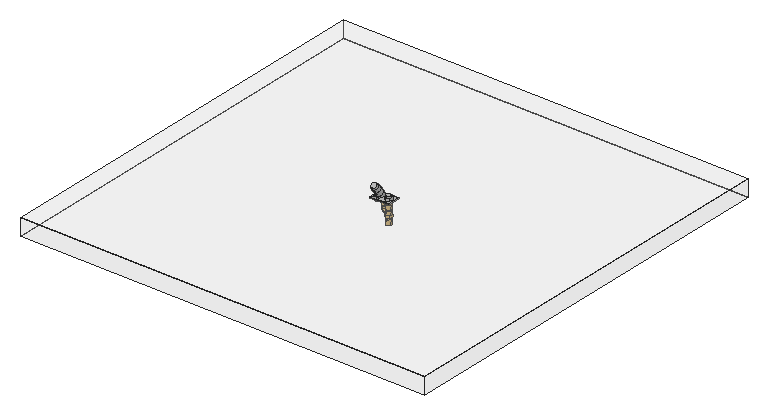
Revit family
Parameters (values of type "67CC-P1")
  Weight Lbs = 4.4
  Waste Connection = no
  Rod Assembly D = 0' - 0 1/2"
  Rod Assembly C = 0' - 0 3/4"
  Rod Assembly B = Rod Assembly A + 0' 0 1/2"  # 0' - 1 1/2"
  Rod Assembly A = Wall Thickness  # 0' - 1"
  Wall Thickness = 0' - 1"
  WFU = 0
  Vent Connection = no
  URL = "http://www.woodfordmfg.com/woodford/Wall_Hydrant_Pages/model-67.html"
  Symbol Length = 0' - 9"
  Polished Brass (PB) Optional = ""
  Plate Width = 0' - 3"
  Plate Length = 0' - 4 3/8"
  Pipe Connection Radius = 0' - 0 3/8"
  Pipe Connection Diameter = Pipe Connection Radius * 2  # 0' - 0 3/4"
  Overall Hydrant Length = Wall Thickness + 0' 4"  # 0' - 5"
  Outlet = "3/4\" Male Hose Thread"
  No Lead Solder = ""
  Model = "67CC-P1"
  Max Temperature = "120º -F"
  Max Pressure = 125.00 psi
  Inlet Option = "P1 - 1\" Male Pipe Thread-Closed Coupled"
  Hydrant Specification = ""
  Hydrant & Vacuum Breaker = "Listed by IAPMO"
  Hydrant = "Field Testable"
  Manufacturer = "Woodford Manufacturing Company"
  Installation Instructions = "http://www.woodfordmfg.com/woodford/Installation/65-67%20Installation%20Instructions-2.pdf"
  HWFU = 0
  HW Connection = no
  GPM = "13 @ 100psi"
  Double Check Backflow Preventer = "ASSE 1052"
  Default Elevation = 4' - 0"
  Chrome Standard = ""
  Catalog Sheet = "http://www.woodfordmfg.com/woodford/Wall_Hyd_PDF/67CATALOG.pdf"
  CWFU = 2.5
  CW Connection = yes
  Brass Head & Inlet Castings = ""
  Brass (BR) Optional = ""
  Automatic Draining = ""
  All Brass Castings = ""
Types (13): name | Weight Lbs | Rod Assembly D | Rod Assembly C | Rod Assembly B | Rod Assembly A | Wall Thickness | Overall Hydrant Length | Model | Inlet Option
  (no name) | 4.4 | 0' - 0 1/2" | 0' - 0 3/4" | 0' - 1 1/2" | 0' - 1" | 0' - 1" | 0' - 5" | "67CC-P1" | "P1 - 1\" Male Pipe Thread-Closed Coupled"
  67P1-8 | 5.2 | 0' - 1 1/2" | 0' - 2" | 0' - 8 1/2" | 0' - 8" | 0' - 8" | 1' - 0" | "67P1-8" | "P1 - 1\" Male Pipe Thread"
  67P1-6 | 4.8 | 0' - 1 1/2" | 0' - 2" | 0' - 6 1/2" | 0' - 6" | 0' - 6" | 0' - 10" | "67P1-6" | "P1 - 1\" Male Pipe Thread"
  67P1-4 | 4.4 | 0' - 1 1/2" | 0' - 2" | 0' - 4 1/2" | 0' - 4" | 0' - 4" | 0' - 8" | "67P1-4" | "P1 - 1\" Male Pipe Thread"
  67P1-10 | 5.6 | 0' - 1 1/2" | 0' - 2" | 0' - 10 1/2" | 0' - 10" | 0' - 10" | 1' - 2" | "67P1-10" | "P1 - 1\" Male Pipe Thread"
  67P1-12 | 6 | 0' - 1 1/2" | 0' - 2" | 1' - 0 1/2" | 1' - 0" | 1' - 0" | 1' - 4" | "67P1-12" | "P1 - 1\" Male Pipe Thread"
  67P1-14 | 6.4 | 0' - 1 1/2" | 0' - 2" | 1' - 2 1/2" | 1' - 2" | 1' - 2" | 1' - 6" | "67P1-14" | "P1 - 1\" Male Pipe Thread"
  67P1-16 | 6.8 | 0' - 1 1/2" | 0' - 2" | 1' - 4 1/2" | 1' - 4" | 1' - 4" | 1' - 8" | "67P1-16" | "P1 - 1\" Male Pipe Thread"
  67P1-18 | 7.2 | 0' - 1 1/2" | 0' - 2" | 1' - 6 1/2" | 1' - 6" | 1' - 6" | 1' - 10" | "67P1-18" | "P1 - 1\" Male Pipe Thread"
  67P1-20 | 7.6 | 0' - 1 1/2" | 0' - 2" | 1' - 8 1/2" | 1' - 8" | 1' - 8" | 2' - 0" | "67P1-20" | "P1 - 1\" Male Pipe Thread"
  67P1-22 | 8 | 0' - 1 1/2" | 0' - 2" | 1' - 10 1/2" | 1' - 10" | 1' - 10" | 2' - 2" | "67P1-22" | "P1 - 1\" Male Pipe Thread"
  67P1-24 | 8.4 | 0' - 1 1/2" | 0' - 2" | 2' - 0 1/2" | 2' - 0" | 2' - 0" | 2' - 4" | "67P1-24" | "P1 - 1\" Male Pipe Thread"
  67CC-P1 | 4.4 | 0' - 0 1/2" | 0' - 0 3/4" | 0' - 1 1/2" | 0' - 1" | 0' - 1" | 0' - 5" | "67CC-P1" | "P1 - 1\" Male Pipe Thread-Closed Coupled"
Reference planes (in)
  plane 1 "Center (Front/Back)": y = 0
  plane 2: z = 0
  plane 3 "Center (Left/Right)": x = 0
  plane 4 "Left": x = -2.1875
  plane 5 "Right": x = 2.1875
  plane 6 "Bottom": y = -1.5
  plane 7 "Top": y = 1.5
  plane 8 "Top Faceplate": z = 0.21875
  plane 9 "Right Offset": x = 1.6875
  plane 10 "Left Offset": x = -1.6875
  plane 11 "Top Nut": z = 0.71875
  plane 12 "Operating Rod Depth A": z = -1
  plane 13 "Out Right": z = -0.75
  plane 14 "Out Left": z = -0.5
  plane 15: z = -0.325
  plane 16 "Operating Rod Depth B": z = -1.5
  plane 17 "Inlet bottom nut": z = -1.75
  plane 18 "Inlet Assembly": z = -2.25
  plane 19 "Inlet Assembly Nut": z = -3
  plane 20 "Inlet Assembly Bottom Nut": z = -3.5
  plane 21 "Female Connection": z = -4
  plane 22: z = 9
  plane 23: z = -5
Forms (in)
  Extrusion 1, solid, material "Glass"
    sketch origin (0, 0, 0) x (1, 0, 0) y (0, 1, 0)
      loop
        line (-48, 48) -> (-48, -48) -> (48, -48) -> (48, 48) -> (-48, 48)
    from 0 to -4
  Extrusion 2, solid, material "Chrome", detail levels fine
    sketch origin (0, 0, 0) x (1, 0, 0) y (0, 1, 0)
      loop
        line (-2.1875, -1.5) -> (2.1875, -1.5) -> (2.1875, 1.5) -> (-2.1875, 1.5) -> (-2.1875, -1.5)
    from 0 to 0.21875
  Extrusion 3, solid, material "Chrome", detail levels fine
    sketch origin (-1.6875, 0, 0) x (0, 1, 0) y (0, 0, 1)
      loop
        line (-1.5, 0.21875) -> (-0.17611, 0.21875) -> (-0.17611, 0.4375) -> (-1.1597, 0.4375) -> (-1.44095, 0.71875) -> (-1.5, 0.71875) -> (-1.5, 0.21875)
    from 0 to 1
  Sweep 4, solid, material "Chrome", detail levels fine
    path origin (-1.1625, 0, 0) x (0, 1, 0) y (0, 0, 1)
      loop
        arc (0.31144, 0.21875) -> (0.26076, 0.51208) -> (0.1201, 0.77444) r 0.93127
    profile origin (-1.1625, 0.26076, 0.51208) x (0, -0.945519, -0.325568) y (1, 0, 0)
      loop
        circle (0, 0) r 0.78125
  Sweep 5, solid, material "Chrome", detail levels fine
    path origin (-1.1625, 0, 0) x (0, 1, 0) y (0, 0, 1)
      loop
        line (0.1201, 0.77444) -> (-0.03172, 0.97306)
    profile origin (-1.1625, 0.04419, 0.87375) x (0, -0.794484, -0.607286) y (1, 0, 0)
      loop
        circle (0, 0) r 0.5
  Sweep 6, solid, material "Chrome", detail levels fine
    path origin (-1.1625, 0, 0) x (0, 1, 0) y (0, 0, 1)
      loop
        line (-0.03172, 0.97306) -> (-0.639, 1.76754)
    profile origin (-1.1625, -0.33536, 1.3703) x (0, -0.794484, -0.607286) y (1, 0, 0)
      loop
        circle (0, 0) r 0.75
  Sweep 7, solid, material "Chrome", detail levels fine
    path origin (-1.1625, -0.61554, 0.78818) x (0, 1, 0) y (0, 0, 1)
      loop
        line (-0.639, 1.76754) -> (-0.75357, 1.91743)
    profile origin (-1.1625, -1.31182, 2.63066) x (0, -0.794484, -0.607286) y (1, 0, 0)
      loop
        circle (0, 0) r 0.5
  Sweep 8, solid, material "Chrome", detail levels fine
    path origin (-1.1625, -0.61554, 0.78818) x (0, 1, 0) y (0, 0, 1)
      loop
        line (-0.75357, 1.91743) -> (-0.95094, 2.17563)
    profile origin (-1.1625, -1.46779, 2.83471) x (0, -0.794484, -0.607286) y (1, 0, 0)
      loop
        circle (0, 0) r 0.625
  Extrusion 9, solid, material "Chrome", detail levels fine
    sketch origin (0, 0, 0.21875) x (-1, 0, 0) y (0, -1, 0)
      loop
        line (-1.02436, -0.76573) -> (-0.33622, -0.38286) -> (-0.33622, 0.38286) -> (-1.02436, 0.76573) -> (-1.6875, 0.38286) -> (-1.6875, -0.38286) -> (-1.02436, -0.76573)
    from 0 to 0.5
  Extrusion 10, solid, material "Chrome", detail levels fine
    sketch origin (0, 0, 0.71875) x (-1, 0, 0) y (0, -1, 0)
      loop
        circle (-1.02436, 0) r 0.54614
    from 0 to 0.25
  Extrusion 11, solid, material "Brass", detail levels fine
    sketch origin (0, 0, 0) x (1, 0, 0) y (0, 1, 0)
      loop
        circle (1.02436, 0) r 0.625
    from 0 to -0.75
  Extrusion 12, solid, material "Brass", detail levels fine
    sketch origin (0, 0, 0) x (1, 0, 0) y (0, 1, 0)
      loop
        circle (-0.08686, 0) r 0.4375
    from 0 to -0.5
  Extrusion 13, solid, material "Brass", detail levels fine
    sketch origin (0, 0, 0) x (1, 0, 0) y (0, 1, 0)
      loop
        arc (1.02395, -0.71363) -> (1.60463, -0.04499) -> (1.09565, 0.67972) r 0.71878
        line (1.09565, 0.67972) -> (-0.88414, 1.19681) -> (-1.9375, 1.19681) -> (-1.9375, -1.12767) -> (-1.15613, -1.12767) -> (1.02395, -0.71363)
    from 0 to -0.325
  Extrusion 14, solid, material "Brass", detail levels fine
    sketch origin (0, 0, -0.5) x (-1, 0, 0) y (0, -1, 0)
      loop
        circle (0.08686, 0) r 0.3125
    from 0 to -1
  Extrusion 15, solid, material "Brass", detail levels fine
    sketch origin (0, 0, -0.75) x (-1, 0, 0) y (0, -1, 0)
      loop
        circle (-1.02436, 0) r 0.375
    from 0 to -0.25
  Extrusion 16, solid, material "Brass", detail levels fine
    sketch origin (0, 0, -1) x (-1, 0, 0) y (0, -1, 0)
      loop
        circle (-1.02436, 0) r 0.5
    from 0 to -0.75
  Extrusion 17, solid, material "Brass", detail levels fine
    sketch origin (0, 0, -1.75) x (-1, 0, 0) y (0, -1, 0)
      loop
        circle (-1.02436, 0) r 0.375
    from 0 to -0.5
  Extrusion 18, solid, material "Brass", detail levels fine
    sketch origin (0, 0, -2.25) x (-1, 0, 0) y (0, -1, 0)
      loop
        circle (-1.02436, 0) r 0.54614
    from 0 to -0.75
  Extrusion 19, solid, material "Brass", detail levels fine
    sketch origin (0, 0, -3) x (-1, 0, 0) y (0, -1, 0)
      loop
        line (-1.02436, -0.76573) -> (-0.33622, -0.38286) -> (-0.33622, 0.38286) -> (-1.02436, 0.76573) -> (-1.6875, 0.38286) -> (-1.6875, -0.38286) -> (-1.02436, -0.76573)
    from 0 to -0.5
  Extrusion 20, solid, material "Brass", detail levels fine
    sketch origin (0, 0, -3.5) x (-1, 0, 0) y (0, -1, 0)
      loop
        circle (-1.02436, 0) r 0.375
    from 0 to -0.5
  Extrusion 21, solid, material "Brass", detail levels fine
    sketch origin (0, 0, -4) x (-1, 0, 0) y (0, -1, 0)
      loop
        circle (-1.02436, 0) r 0.60231
    from 0 to -1
  Sweep 22, solid, material "Brass", detail levels fine
    path origin (0, 0, 0) x (1, 0, 0) y (0, 0, 1)
      loop
        line (-0.094, -1.5) -> (-0.094, -1.87829)
        arc (-0.094, -1.87829) -> (0.12185, -2.39942) -> (0.64298, -2.61528) r 0.73699
    profile origin (-0.094, 0, -1.68914) x (0, -1, 0) y (1, 0, 0)
      loop
        circle (0, 0) r 0.375
  Sweep 23, solid, material "Chrome", detail levels fine
    path origin (-1.1625, -0.75911, 0.9931) x (0, 1, 0) y (0, 0, 1)
      loop
        line (0.1201, 0.77444) -> (-0.03172, 0.97306)
    profile origin (-1.1625, -0.71491, 1.86685) x (0, -0.794484, -0.607286) y (1, 0, 0)
      loop
        circle (0, 0) r 0.5
  Sweep 24, solid, material "Chrome", detail levels fine
    path origin (-1.1625, -0.6832, 0.89379) x (0, 1, 0) y (0, 0, 1)
      loop
        line (-0.10763, 1.07237) -> (-0.56309, 1.66823)
    profile origin (-1.1625, -1.01856, 2.2641) x (0, -0.794484, -0.607286) y (1, 0, 0)
      loop
        circle (0, 0) r 0.75
Lines and regions (in)
  model lines, style "Hydrant Symbol", detail levels coarse+medium
    curve 1: line (0, 0, 0) -> (0, 0, 9)
    curve 2: line (2.1875, 0, 6.25) -> (-2.1875, 0, 6.25)
Dimensions and locks (in)
  equal spacing: plane 7 "Top", plane 1 "Center (Front/Back)", plane 6 "Bottom"
  "Plate Width": plane 7 "Top" to plane 6 "Bottom"
  equal spacing: plane 4 "Left", plane 3 "Center (Left/Right)", plane 5 "Right"
  "Plate Length": plane 4 "Left" to plane 5 "Right"
  locked: plane 8 "Top Faceplate" to level at 0.21875
  locked: plane 4 "Left" to plane 10 "Left Offset" at 0.5
  locked: plane 9 "Right Offset" to plane 5 "Right" at 0.5
  "Rod Assembly C": level to plane 13 "Out Right"
  "Rod Assembly D": Extrusion 1 to plane 14 "Out Left"
  level to plane 15 = 0' - 0.325"
  "Rod Assembly B": level to plane 16 "Operating Rod Depth B"
  "Rod Assembly A": level to plane 12 "Operating Rod Depth A"
  locked: plane 12 "Operating Rod Depth A" to plane 17 "Inlet bottom nut" at 0.75
  plane 18 "Inlet Assembly" to plane 19 "Inlet Assembly Nut" = 0' - 0 3/4"
  plane 17 "Inlet bottom nut" to plane 18 "Inlet Assembly" = 0' - 0 1/2"
  plane 19 "Inlet Assembly Nut" to plane 20 "Inlet Assembly Bottom Nut" = 0' - 0 1/2"
  plane 20 "Inlet Assembly Bottom Nut" to plane 21 "Female Connection" = 0' - 0 1/2"
  "Symbol Length": Extrusion 1 to plane 22
  locked: curve 2 to plane 22 at 2.75
  plane 21 "Female Connection" to plane 23 = 0' - 1"
  level to plane 23 = 0' - 5"
  "Pipe Connection Radius": radius of Extrusion 20 sketch curve
  "Pipe Connection Radius": radius of Extrusion 17 sketch curve
  "Pipe Connection Radius": radius of Extrusion 15 sketch curve
  aligned and locked: plane 2 to Extrusion 1
  aligned and locked: level to Extrusion 1
  aligned and locked: plane 7 "Top" to Extrusion 2
  aligned and locked: plane 6 "Bottom" to Extrusion 2
  aligned and locked: plane 5 "Right" to Extrusion 2
  aligned and locked: plane 4 "Left" to Extrusion 2
  aligned and locked: plane 8 "Top Faceplate" to Extrusion 2
  aligned and locked: plane 9 "Right Offset" to Extrusion 9 sketch curve
  aligned and locked: plane 11 "Top Nut" to Extrusion 9
  aligned and locked: plane 13 "Out Right" to Extrusion 11
  aligned and locked: plane 14 "Out Left" to Extrusion 12
  aligned and locked: Extrusion 13 to plane 15
  aligned and locked: Extrusion 15 to plane 12 "Operating Rod Depth A"
  aligned and locked: Extrusion 14 to plane 16 "Operating Rod Depth B"
  aligned and locked: plane 17 "Inlet bottom nut" to Extrusion 16
  aligned and locked: plane 18 "Inlet Assembly" to Extrusion 17
  aligned and locked: plane 20 "Inlet Assembly Bottom Nut" to Extrusion 19
  aligned and locked: plane 21 "Female Connection" to Extrusion 20
  aligned and locked: Extrusion 18 to plane 19 "Inlet Assembly Nut"
  aligned and locked: Sweep 22 to plane 16 "Operating Rod Depth B"
  aligned and locked: plane 16 "Operating Rod Depth B" to Sweep 22
  aligned and locked: plane 22 to curve 1
  aligned and locked: plane 23 to Extrusion 21  (x2)
  aligned and locked: plane 20 "Inlet Assembly Bottom Nut" to Extrusion 20
  aligned and locked: plane 21 "Female Connection" to Extrusion 21
Automatic sketch dimensions
  curve 2 to plane 4 "Left" = 0' - 0"
  curve 1 to plane 3 "Center (Left/Right)" = 0' - 0"
  curve 2 to plane 5 "Right" = 0' - 0"
  curve 1 to level = 0' - 0"
  Extrusion 1 sketch curve to Extrusion 1 sketch curve = 8' - 0"  (x2)
  Extrusion 2 sketch curve to plane 4 "Left" = 0' - 0"
  Extrusion 2 sketch curve to plane 5 "Right" = 0' - 0"
  Extrusion 2 sketch curve to plane 6 "Bottom" = 0' - 0"
  Extrusion 2 sketch curve to plane 7 "Top" = 0' - 0"
  Extrusion 3 sketch curve to plane 6 "Bottom" = 0' - 0"
  Extrusion 3 sketch curve to plane 11 "Top Nut" = 0' - 0"
  Extrusion 3 sketch curve to plane 8 "Top Faceplate" = 0' - 0"
  Extrusion 3 sketch curve to Extrusion 3 sketch curve = 0' - 0.05905"
  plane 6 "Bottom" to Extrusion 3 sketch curve = 0' - 0.3403"
  plane 1 "Center (Front/Back)" to Extrusion 3 sketch curve = 0' - 0.17611"
  plane 8 "Top Faceplate" to Extrusion 3 sketch curve = 0' - 0 7/32"
  Sweep 4 sketch curve to plane 8 "Top Faceplate" = 0' - 0"
  Sweep 4 sketch curve to plane 8 "Top Faceplate" = 0' - 0.00986"
  plane 1 "Center (Front/Back)" to Sweep 4 sketch curve = 0' - 0.61977"
  plane 11 "Top Nut" to Sweep 4 sketch curve = 0' - 0.05569"
  Sweep 4 sketch curve to plane 1 "Center (Front/Back)" = 0' - 0.1201"
  Sweep 4 sketch curve to profile plane = 0' - 0"  (x2)
  plane 1 "Center (Front/Back)" to Sweep 5 sketch curve = 0' - 0.03172"
  plane 11 "Top Nut" to Sweep 5 sketch curve = 0' - 0.05569"
  Sweep 5 sketch curve to plane 1 "Center (Front/Back)" = 0' - 0.1201"
  Sweep 5 sketch curve to Sweep 5 sketch curve = 0' - 0.19862"
  Sweep 5 sketch curve to profile plane = 0' - 0"  (x2)
  plane 1 "Center (Front/Back)" to Sweep 6 sketch curve = 0' - 0.639"
  plane 1 "Center (Front/Back)" to Sweep 6 sketch curve = 0' - 0.03172"
  plane 11 "Top Nut" to Sweep 6 sketch curve = 0' - 0.25431"
  Sweep 6 sketch curve to Sweep 6 sketch curve = 0' - 0.79448"
  Sweep 6 sketch curve to profile plane = 0' - 0"  (x2)
  plane 6 "Bottom" to Sweep 7 sketch curve = 0' - 0.13089"
  Sweep 7 sketch curve to Sweep 7 sketch curve = 0' - 0.11457"
  plane 11 "Top Nut" to Sweep 7 sketch curve = 0' - 1.83697"
  Sweep 7 sketch curve to Sweep 7 sketch curve = 0' - 0.14988"
  Sweep 7 sketch curve to profile plane = 0' - 0"  (x2)
  Sweep 8 sketch curve to plane 6 "Bottom" = 0' - 0.06648"
  Sweep 8 sketch curve to Sweep 8 sketch curve = 0' - 0.19737"
  plane 11 "Top Nut" to Sweep 8 sketch curve = 0' - 1.98685"
  Sweep 8 sketch curve to Sweep 8 sketch curve = 0' - 0.25821"
  Sweep 8 sketch curve to profile plane = 0' - 0"  (x2)
  Extrusion 9 sketch curve to plane 9 "Right Offset" = 0' - 0.66314"  (x2)
  plane 3 "Center (Left/Right)" to Extrusion 9 sketch curve = 0' - 0.33622"
  Extrusion 9 sketch curve to plane 7 "Top" = 0' - 0.73427"
  Extrusion 9 sketch curve to plane 1 "Center (Front/Back)" = 0' - 0.38286"  (x2)
  plane 1 "Center (Front/Back)" to Extrusion 9 sketch curve = 0' - 0.38286"  (x2)
  plane 6 "Bottom" to Extrusion 9 sketch curve = 0' - 0.73427"
  plane 1 "Center (Front/Back)" to Extrusion 10 sketch curve = 0' - 0"
  Extrusion 10 sketch curve to plane 9 "Right Offset" = 0' - 0.66314"
  plane 1 "Center (Front/Back)" to Extrusion 11 sketch curve = 0' - 0"
  Extrusion 11 sketch curve to plane 9 "Right Offset" = 0' - 0.66314"
  plane 1 "Center (Front/Back)" to Extrusion 12 sketch curve = 0' - 0"
  Extrusion 12 sketch curve to plane 3 "Center (Left/Right)" = 0' - 0.08686"
  plane 4 "Left" to Extrusion 13 sketch curve = 0' - 0 1/4"
  plane 10 "Left Offset" to Extrusion 13 sketch curve = 0' - 0.53137"
  Extrusion 13 sketch curve to plane 7 "Top" = 0' - 0.30319"
  plane 10 "Left Offset" to Extrusion 13 sketch curve = 0' - 0.80336"
  plane 1 "Center (Front/Back)" to Extrusion 13 sketch curve = 0' - 0.00805"
  Extrusion 13 sketch curve to plane 9 "Right Offset" = 0' - 0.8007"
  Extrusion 13 sketch curve to plane 9 "Right Offset" = 0' - 0.66355"
  Extrusion 13 sketch curve to plane 9 "Right Offset" = 0' - 0.59185"
  plane 1 "Center (Front/Back)" to Extrusion 13 sketch curve = 0' - 0.71363"
  plane 6 "Bottom" to Extrusion 13 sketch curve = 0' - 0.37233"
  plane 1 "Center (Front/Back)" to Extrusion 14 sketch curve = 0' - 0"
  Extrusion 14 sketch curve to plane 3 "Center (Left/Right)" = 0' - 0.08686"
  plane 1 "Center (Front/Back)" to Extrusion 15 sketch curve = 0' - 0"
  Extrusion 15 sketch curve to plane 9 "Right Offset" = 0' - 0.66314"
  plane 1 "Center (Front/Back)" to Extrusion 16 sketch curve = 0' - 0"
  Extrusion 16 sketch curve to plane 9 "Right Offset" = 0' - 0.66314"
  plane 1 "Center (Front/Back)" to Extrusion 17 sketch curve = 0' - 0"
  Extrusion 17 sketch curve to plane 9 "Right Offset" = 0' - 0.66314"
  plane 1 "Center (Front/Back)" to Extrusion 18 sketch curve = 0' - 0"
  Extrusion 18 sketch curve to plane 9 "Right Offset" = 0' - 0.66314"
  Extrusion 19 sketch curve to plane 9 "Right Offset" = 0' - 0"
  Extrusion 19 sketch curve to plane 9 "Right Offset" = 0' - 0.66314"  (x2)
  plane 3 "Center (Left/Right)" to Extrusion 19 sketch curve = 0' - 0.33622"
  Extrusion 19 sketch curve to plane 7 "Top" = 0' - 0.73427"
  Extrusion 19 sketch curve to plane 1 "Center (Front/Back)" = 0' - 0.38286"  (x2)
  plane 1 "Center (Front/Back)" to Extrusion 19 sketch curve = 0' - 0.38286"  (x2)
  plane 6 "Bottom" to Extrusion 19 sketch curve = 0' - 0.73427"
  plane 1 "Center (Front/Back)" to Extrusion 20 sketch curve = 0' - 0"
  Extrusion 20 sketch curve to plane 9 "Right Offset" = 0' - 0.66314"
  plane 1 "Center (Front/Back)" to Extrusion 21 sketch curve = 0' - 0"
  Extrusion 21 sketch curve to plane 9 "Right Offset" = 0' - 0.66314"
  Sweep 22 sketch curve to plane 16 "Operating Rod Depth B" = 0' - 0"
  Sweep 22 sketch curve to plane 3 "Center (Left/Right)" = 0' - 0.094"
  Sweep 22 sketch curve to plane 18 "Inlet Assembly" = 0' - 0.36528"
  plane 3 "Center (Left/Right)" to Sweep 22 sketch curve = 0' - 0.64298"
  plane 1 "Center (Front/Back)" to Sweep 22 sketch curve = 0' - 0"
  Sweep 22 sketch curve to profile plane = 0' - 0"
  plane 6 "Bottom" to Sweep 23 sketch curve = 0' - 0.70918"
  Sweep 23 sketch curve to Sweep 23 sketch curve = 0' - 0.15182"
  plane 11 "Top Nut" to Sweep 23 sketch curve = 0' - 1.04879"
  Sweep 23 sketch curve to Sweep 23 sketch curve = 0' - 0.19862"
  Sweep 23 sketch curve to profile plane = 0' - 0"  (x2)
  plane 6 "Bottom" to Sweep 24 sketch curve = 0' - 0.25371"
  plane 6 "Bottom" to Sweep 24 sketch curve = 0' - 0.70918"
  plane 11 "Top Nut" to Sweep 24 sketch curve = 0' - 1.24741"
  Sweep 24 sketch curve to Sweep 24 sketch curve = 0' - 0.59586"
  Sweep 24 sketch curve to profile plane = 0' - 0"  (x2)
  radius of Sweep 4 sketch curve = 0' - 0 25/32"
  radius of Sweep 5 sketch curve = 0' - 0 1/2"
  radius of Sweep 6 sketch curve = 0' - 0 3/4"
  radius of Sweep 7 sketch curve = 0' - 0 1/2"
  radius of Sweep 8 sketch curve = 0' - 0 5/8"
  radius of Extrusion 10 sketch curve = 0' - 0.54614"
  radius of Extrusion 11 sketch curve = 0' - 0 5/8"
  radius of Extrusion 12 sketch curve = 0' - 0 7/16"
  radius of Extrusion 14 sketch curve = 0' - 0 5/16"
  radius of Extrusion 16 sketch curve = 0' - 0 1/2"
  radius of Extrusion 18 sketch curve = 0' - 0.54614"
  radius of Extrusion 21 sketch curve = 0' - 0.60231"
  radius of Sweep 22 sketch curve = 0' - 0 3/8"
  radius of Sweep 23 sketch curve = 0' - 0 1/2"
  radius of Sweep 24 sketch curve = 0' - 0 3/4"
Nested families (in)
  nested 1: "Hydrant Annotation" at (0, 0, 0), type "Hydrant Annotation", detail levels coarse+medium
Connectors (in)
  piping at (1.02436, 0, -5), driven by "Pipe Connection Radius"
    settings: on Extrusion 21, index 1, connector radius 3/8", flow factor 0, pipe flow 13 GPM, pressure drop 100.00 psi, fitting loss kfactor 0, connector angle 0.00°, fixture units 0, flow configuration 1, flow direction 1, fitting loss method 4, system type 20, connector reference index -1, connector utility 0, adjustable connector no, is connector primary yes, fitting loss table "", connector description ""
Definition of nested family "Hydrant Annotation"
  Reference planes (in)
    plane 1: y = 0
    plane 2: x = 0
  Lines and regions (in)
    detail lines, style "Hydrant Symbol"
      curve 1: line (0, 0, 0) -> (0, 0.325, 0)
      curve 2: line (-0.11215, 0.22111, 0) -> (0.11215, 0.22111, 0)
      curve 3: line (-0.0625, 0, 0) -> (0.0625, 0, 0)
  Dimensions and locks (in)
    equal spacing: curve 2, plane 2, curve 2
    curve 3 to curve 3 = 0' - 0 1/8"
